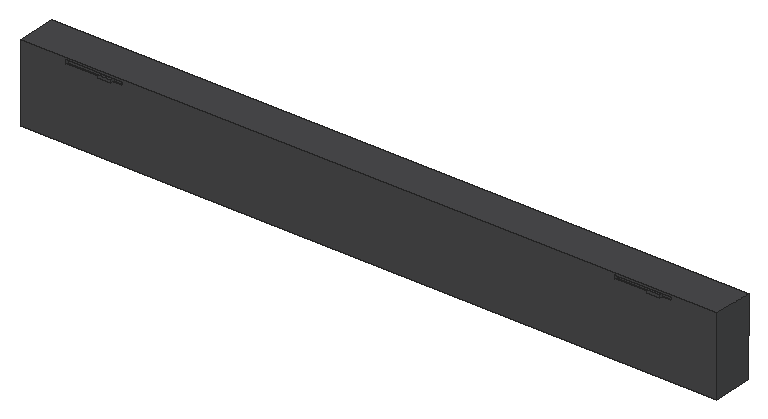
Revit family "DOT BLOCK CEILLING 646_DTSM30N6.1", category Luminarias, Revit 2019
Family settings
  Cota de conector redondo = Diámetro de uso
  Tipo de pieza = Normal
  Se basa en plano de trabajo = Sí
  Siempre vertical = Sí
  Corte con vacíos al cargar = No
  Origen de luz = Sí
  Compartido = No
  Punto de cálculo de habitación = No
Parameters (values of type "DOT BLOCK CEILLING 646_DTSM30N6.1.1535")
  Ángulo de inclinación = 60.00°
  Zone [instance] = ""
  Watt per fixture = 30
  Wattage = 30 W
  built-in parameter 1150107 = 4000 (stored number, unit not read)
  built-in parameter 1150110 = 1 (stored number, unit not read)
  built-in parameter 1150109 = 1 (stored number, unit not read)
  built-in parameter 1150112 = 1 (stored number, unit not read)
  built-in parameter 1150113 = 1 (stored number, unit not read)
  built-in parameter 1114218 = 1 (stored number, unit not read)
  Keynote = ""
  built-in parameter 1150137 = (empty or 0)
  built-in parameter 1150132 = (empty or 0)
  Modelo = "DTSM30N6.1.1535"
  Lámpara = "3030SMD PHILIPS"
  built-in parameter 1150105 = 214.86 (stored number, unit not read)
  built-in parameter 1150102 = (empty or 0)
  built-in parameter 1150106 = 2.1486 (stored number, unit not read)
  Lumens = 2700 lm
  Color Filter = 16777215
  built-in parameter 1114217 = 1 (stored number, unit not read)
  built-in parameter 1150139 = (empty or 0)
  Fabricante = "BRILLANT"
  Default Elevation = 1219.2 mm
  built-in parameter 1150104 = 8.3613 (stored number, unit not read)
  Descripción = "LUMINARIA DOWNLIGHT EN FORMATO RECTANGULAR PARA SOBREPONER DIRECTO EN TECHO, CUERPO DE ALUMINIO ACABADO EN COLOR NEGRO, IP 20, PESO 1.40Kg, TIPO DE LED 3030SMD PHILIPS CON 30W TOTAL, 1450 LUMENES, 90LM/W, IRC 90, TEMPERATURA EN BLANCO FRIO 4000K, 50 MIL HORAS DE VIDA PROMEDIO, APERTURA ELIPTICA DE 15X35 GRADOS POR PROYECTO, ALIMENTADO A 90-240V"
  built-in parameter 1150115 = 1 (stored number, unit not read)
  built-in parameter 1150114 = 1 (stored number, unit not read)
  Comentarios de vataje = "90-240V"
  built-in parameter 1150138 = (empty or 0)
  built-in parameter 1150134 = 12
  Circuit [instance] = ""
  Dimming Lamp Color Temperature Shift = (empty or 0)
  Archivo de red fotométrica = "L646A-30W-840-B-15X35_IESNA95.IES"
  built-in parameter 1150133 = 10 (stored number, unit not read)
Reference planes
  plane 1 "Centro (Frontal/Posterior)": y = 0
  plane 2: z = 0
  plane 3 "Centro (Izquierda/Derecha)": x = 0
Forms (mm)
  Extrusion 1, solid, material "Default Form", not visible
    sketch origin (0, 0, 0) x (1, 0, 0) y (0, 0, 1)
      loop
        line (-473, 0) -> (-473, -72) -> (473, -72) -> (473, 0) -> (-473, 0)
    from -18.326 to 18.326
  Blend 2, void, not visible
    base sketch origin (-293.63, 0, 0) x (1, 0, 0) y (0, 1, 0)
      loop
        line (-162, 16.149) -> (-162, -16.149) -> (-144.14, -16.149) -> (-144.14, 16.149) -> (-162, 16.149)
    top sketch origin (-293.63, 0, 0) x (1, 0, 0) y (0, 1, 0)
      loop
        line (-160, 12.149) -> (-160, -12.149) -> (-146.14, -12.149) -> (-146.14, 12.149) -> (-160, 12.149)
    from -72 to -61.591
  Blend 3, void, not visible
    base sketch origin (-267.33, 0, 0) x (1, 0, 0) y (0, 1, 0)
      loop
        line (-162, 16.149) -> (-162, -16.149) -> (-144.14, -16.149) -> (-144.14, 16.149) -> (-162, 16.149)
    top sketch origin (-267.33, 0, 0) x (1, 0, 0) y (0, 1, 0)
      loop
        line (-160, 12.149) -> (-160, -12.149) -> (-146.14, -12.149) -> (-146.14, 12.149) -> (-160, 12.149)
    from -72 to -61.591
  Blend 4, void, not visible
    base sketch origin (-241.03, 0, 0) x (1, 0, 0) y (0, 1, 0)
      loop
        line (-162, 16.149) -> (-162, -16.149) -> (-144.14, -16.149) -> (-144.14, 16.149) -> (-162, 16.149)
    top sketch origin (-241.03, 0, 0) x (1, 0, 0) y (0, 1, 0)
      loop
        line (-160, 12.149) -> (-160, -12.149) -> (-146.14, -12.149) -> (-146.14, 12.149) -> (-160, 12.149)
    from -72 to -61.591
  Blend 5, void, not visible
    base sketch origin (-214.73, 0, 0) x (1, 0, 0) y (0, 1, 0)
      loop
        line (-162, 16.149) -> (-162, -16.149) -> (-144.14, -16.149) -> (-144.14, 16.149) -> (-162, 16.149)
    top sketch origin (-214.73, 0, 0) x (1, 0, 0) y (0, 1, 0)
      loop
        line (-160, 12.149) -> (-160, -12.149) -> (-146.14, -12.149) -> (-146.14, 12.149) -> (-160, 12.149)
    from -72 to -61.591
  Blend 6, void, not visible
    base sketch origin (-188.43, 0, 0) x (1, 0, 0) y (0, 1, 0)
      loop
        line (-162, 16.149) -> (-162, -16.149) -> (-144.14, -16.149) -> (-144.14, 16.149) -> (-162, 16.149)
    top sketch origin (-188.43, 0, 0) x (1, 0, 0) y (0, 1, 0)
      loop
        line (-160, 12.149) -> (-160, -12.149) -> (-146.14, -12.149) -> (-146.14, 12.149) -> (-160, 12.149)
    from -72 to -61.591
  Blend 7, void, not visible
    base sketch origin (-162.13, 0, 0) x (1, 0, 0) y (0, 1, 0)
      loop
        line (-162, 16.149) -> (-162, -16.149) -> (-144.14, -16.149) -> (-144.14, 16.149) -> (-162, 16.149)
    top sketch origin (-162.13, 0, 0) x (1, 0, 0) y (0, 1, 0)
      loop
        line (-160, 12.149) -> (-160, -12.149) -> (-146.14, -12.149) -> (-146.14, 12.149) -> (-160, 12.149)
    from -72 to -61.591
  Blend 8, void, not visible
    base sketch origin (-135.83, 0, 0) x (1, 0, 0) y (0, 1, 0)
      loop
        line (-162, 16.149) -> (-162, -16.149) -> (-144.14, -16.149) -> (-144.14, 16.149) -> (-162, 16.149)
    top sketch origin (-135.83, 0, 0) x (1, 0, 0) y (0, 1, 0)
      loop
        line (-160, 12.149) -> (-160, -12.149) -> (-146.14, -12.149) -> (-146.14, 12.149) -> (-160, 12.149)
    from -72 to -61.591
  Blend 9, void, not visible
    base sketch origin (-109.53, 0, 0) x (1, 0, 0) y (0, 1, 0)
      loop
        line (-162, 16.149) -> (-162, -16.149) -> (-144.14, -16.149) -> (-144.14, 16.149) -> (-162, 16.149)
    top sketch origin (-109.53, 0, 0) x (1, 0, 0) y (0, 1, 0)
      loop
        line (-160, 12.149) -> (-160, -12.149) -> (-146.14, -12.149) -> (-146.14, 12.149) -> (-160, 12.149)
    from -72 to -61.591
  Blend 10, void, not visible
    base sketch origin (-83.23, 0, 0) x (1, 0, 0) y (0, 1, 0)
      loop
        line (-162, 16.149) -> (-162, -16.149) -> (-144.14, -16.149) -> (-144.14, 16.149) -> (-162, 16.149)
    top sketch origin (-83.23, 0, 0) x (1, 0, 0) y (0, 1, 0)
      loop
        line (-160, 12.149) -> (-160, -12.149) -> (-146.14, -12.149) -> (-146.14, 12.149) -> (-160, 12.149)
    from -72 to -61.591
  Blend 11, void, not visible
    base sketch origin (-56.93, 0, 0) x (1, 0, 0) y (0, 1, 0)
      loop
        line (-162, 16.149) -> (-162, -16.149) -> (-144.14, -16.149) -> (-144.14, 16.149) -> (-162, 16.149)
    top sketch origin (-56.93, 0, 0) x (1, 0, 0) y (0, 1, 0)
      loop
        line (-160, 12.149) -> (-160, -12.149) -> (-146.14, -12.149) -> (-146.14, 12.149) -> (-160, 12.149)
    from -72 to -61.591
  Blend 12, void, not visible
    base sketch origin (-30.63, 0, 0) x (1, 0, 0) y (0, 1, 0)
      loop
        line (-162, 16.149) -> (-162, -16.149) -> (-144.14, -16.149) -> (-144.14, 16.149) -> (-162, 16.149)
    top sketch origin (-30.63, 0, 0) x (1, 0, 0) y (0, 1, 0)
      loop
        line (-160, 12.149) -> (-160, -12.149) -> (-146.14, -12.149) -> (-146.14, 12.149) -> (-160, 12.149)
    from -72 to -61.591
  Blend 13, void, not visible
    base sketch origin (-4.33, 0, 0) x (1, 0, 0) y (0, 1, 0)
      loop
        line (-162, 16.149) -> (-162, -16.149) -> (-144.14, -16.149) -> (-144.14, 16.149) -> (-162, 16.149)
    top sketch origin (-4.33, 0, 0) x (1, 0, 0) y (0, 1, 0)
      loop
        line (-160, 12.149) -> (-160, -12.149) -> (-146.14, -12.149) -> (-146.14, 12.149) -> (-160, 12.149)
    from -72 to -61.591
  Blend 14, void, not visible
    base sketch origin (21.97, 0, 0) x (1, 0, 0) y (0, 1, 0)
      loop
        line (-162, 16.149) -> (-162, -16.149) -> (-144.14, -16.149) -> (-144.14, 16.149) -> (-162, 16.149)
    top sketch origin (21.97, 0, 0) x (1, 0, 0) y (0, 1, 0)
      loop
        line (-160, 12.149) -> (-160, -12.149) -> (-146.14, -12.149) -> (-146.14, 12.149) -> (-160, 12.149)
    from -72 to -61.591
  Blend 15, void, not visible
    base sketch origin (48.27, 0, 0) x (1, 0, 0) y (0, 1, 0)
      loop
        line (-162, 16.149) -> (-162, -16.149) -> (-144.14, -16.149) -> (-144.14, 16.149) -> (-162, 16.149)
    top sketch origin (48.27, 0, 0) x (1, 0, 0) y (0, 1, 0)
      loop
        line (-160, 12.149) -> (-160, -12.149) -> (-146.14, -12.149) -> (-146.14, 12.149) -> (-160, 12.149)
    from -72 to -61.591
  Blend 16, void, not visible
    base sketch origin (74.57, 0, 0) x (1, 0, 0) y (0, 1, 0)
      loop
        line (-162, 16.149) -> (-162, -16.149) -> (-144.14, -16.149) -> (-144.14, 16.149) -> (-162, 16.149)
    top sketch origin (74.57, 0, 0) x (1, 0, 0) y (0, 1, 0)
      loop
        line (-160, 12.149) -> (-160, -12.149) -> (-146.14, -12.149) -> (-146.14, 12.149) -> (-160, 12.149)
    from -72 to -61.591
  Blend 17, void, not visible
    base sketch origin (100.87, 0, 0) x (1, 0, 0) y (0, 1, 0)
      loop
        line (-162, 16.149) -> (-162, -16.149) -> (-144.14, -16.149) -> (-144.14, 16.149) -> (-162, 16.149)
    top sketch origin (100.87, 0, 0) x (1, 0, 0) y (0, 1, 0)
      loop
        line (-160, 12.149) -> (-160, -12.149) -> (-146.14, -12.149) -> (-146.14, 12.149) -> (-160, 12.149)
    from -72 to -61.591
  Blend 18, void, not visible
    base sketch origin (127.17, 0, 0) x (1, 0, 0) y (0, 1, 0)
      loop
        line (-162, 16.149) -> (-162, -16.149) -> (-144.14, -16.149) -> (-144.14, 16.149) -> (-162, 16.149)
    top sketch origin (127.17, 0, 0) x (1, 0, 0) y (0, 1, 0)
      loop
        line (-160, 12.149) -> (-160, -12.149) -> (-146.14, -12.149) -> (-146.14, 12.149) -> (-160, 12.149)
    from -72 to -61.591
  Blend 19, void, not visible
    base sketch origin (153.47, 0, 0) x (1, 0, 0) y (0, 1, 0)
      loop
        line (-162, 16.149) -> (-162, -16.149) -> (-144.14, -16.149) -> (-144.14, 16.149) -> (-162, 16.149)
    top sketch origin (153.47, 0, 0) x (1, 0, 0) y (0, 1, 0)
      loop
        line (-160, 12.149) -> (-160, -12.149) -> (-146.14, -12.149) -> (-146.14, 12.149) -> (-160, 12.149)
    from -72 to -61.591
  Blend 20, void, not visible
    base sketch origin (179.77, 0, 0) x (1, 0, 0) y (0, 1, 0)
      loop
        line (-162, 16.149) -> (-162, -16.149) -> (-144.14, -16.149) -> (-144.14, 16.149) -> (-162, 16.149)
    top sketch origin (179.77, 0, 0) x (1, 0, 0) y (0, 1, 0)
      loop
        line (-160, 12.149) -> (-160, -12.149) -> (-146.14, -12.149) -> (-146.14, 12.149) -> (-160, 12.149)
    from -72 to -61.591
  Blend 21, void, not visible
    base sketch origin (206.07, 0, 0) x (1, 0, 0) y (0, 1, 0)
      loop
        line (-162, 16.149) -> (-162, -16.149) -> (-144.14, -16.149) -> (-144.14, 16.149) -> (-162, 16.149)
    top sketch origin (206.07, 0, 0) x (1, 0, 0) y (0, 1, 0)
      loop
        line (-160, 12.149) -> (-160, -12.149) -> (-146.14, -12.149) -> (-146.14, 12.149) -> (-160, 12.149)
    from -72 to -61.591
  Blend 22, void, not visible
    base sketch origin (232.37, 0, 0) x (1, 0, 0) y (0, 1, 0)
      loop
        line (-162, 16.149) -> (-162, -16.149) -> (-144.14, -16.149) -> (-144.14, 16.149) -> (-162, 16.149)
    top sketch origin (232.37, 0, 0) x (1, 0, 0) y (0, 1, 0)
      loop
        line (-160, 12.149) -> (-160, -12.149) -> (-146.14, -12.149) -> (-146.14, 12.149) -> (-160, 12.149)
    from -72 to -61.591
  Blend 23, void, not visible
    base sketch origin (258.67, 0, 0) x (1, 0, 0) y (0, 1, 0)
      loop
        line (-162, 16.149) -> (-162, -16.149) -> (-144.14, -16.149) -> (-144.14, 16.149) -> (-162, 16.149)
    top sketch origin (258.67, 0, 0) x (1, 0, 0) y (0, 1, 0)
      loop
        line (-160, 12.149) -> (-160, -12.149) -> (-146.14, -12.149) -> (-146.14, 12.149) -> (-160, 12.149)
    from -72 to -61.591
  Blend 24, void, not visible
    base sketch origin (284.97, 0, 0) x (1, 0, 0) y (0, 1, 0)
      loop
        line (-162, 16.149) -> (-162, -16.149) -> (-144.14, -16.149) -> (-144.14, 16.149) -> (-162, 16.149)
    top sketch origin (284.97, 0, 0) x (1, 0, 0) y (0, 1, 0)
      loop
        line (-160, 12.149) -> (-160, -12.149) -> (-146.14, -12.149) -> (-146.14, 12.149) -> (-160, 12.149)
    from -72 to -61.591
  Blend 25, void, not visible
    base sketch origin (311.27, 0, 0) x (1, 0, 0) y (0, 1, 0)
      loop
        line (-162, 16.149) -> (-162, -16.149) -> (-144.14, -16.149) -> (-144.14, 16.149) -> (-162, 16.149)
    top sketch origin (311.27, 0, 0) x (1, 0, 0) y (0, 1, 0)
      loop
        line (-160, 12.149) -> (-160, -12.149) -> (-146.14, -12.149) -> (-146.14, 12.149) -> (-160, 12.149)
    from -72 to -61.591
  Blend 26, void, not visible
    base sketch origin (337.57, 0, 0) x (1, 0, 0) y (0, 1, 0)
      loop
        line (-162, 16.149) -> (-162, -16.149) -> (-144.14, -16.149) -> (-144.14, 16.149) -> (-162, 16.149)
    top sketch origin (337.57, 0, 0) x (1, 0, 0) y (0, 1, 0)
      loop
        line (-160, 12.149) -> (-160, -12.149) -> (-146.14, -12.149) -> (-146.14, 12.149) -> (-160, 12.149)
    from -72 to -61.591
  Blend 27, void, not visible
    base sketch origin (363.87, 0, 0) x (1, 0, 0) y (0, 1, 0)
      loop
        line (-162, 16.149) -> (-162, -16.149) -> (-144.14, -16.149) -> (-144.14, 16.149) -> (-162, 16.149)
    top sketch origin (363.87, 0, 0) x (1, 0, 0) y (0, 1, 0)
      loop
        line (-160, 12.149) -> (-160, -12.149) -> (-146.14, -12.149) -> (-146.14, 12.149) -> (-160, 12.149)
    from -72 to -61.591
  Blend 28, void, not visible
    base sketch origin (390.17, 0, 0) x (1, 0, 0) y (0, 1, 0)
      loop
        line (-162, 16.149) -> (-162, -16.149) -> (-144.14, -16.149) -> (-144.14, 16.149) -> (-162, 16.149)
    top sketch origin (390.17, 0, 0) x (1, 0, 0) y (0, 1, 0)
      loop
        line (-160, 12.149) -> (-160, -12.149) -> (-146.14, -12.149) -> (-146.14, 12.149) -> (-160, 12.149)
    from -72 to -61.591
  Blend 29, void, not visible
    base sketch origin (416.47, 0, 0) x (1, 0, 0) y (0, 1, 0)
      loop
        line (-162, 16.149) -> (-162, -16.149) -> (-144.14, -16.149) -> (-144.14, 16.149) -> (-162, 16.149)
    top sketch origin (416.47, 0, 0) x (1, 0, 0) y (0, 1, 0)
      loop
        line (-160, 12.149) -> (-160, -12.149) -> (-146.14, -12.149) -> (-146.14, 12.149) -> (-160, 12.149)
    from -72 to -61.591
  Blend 30, void, not visible
    base sketch origin (442.77, 0, 0) x (1, 0, 0) y (0, 1, 0)
      loop
        line (-162, 16.149) -> (-162, -16.149) -> (-144.14, -16.149) -> (-144.14, 16.149) -> (-162, 16.149)
    top sketch origin (442.77, 0, 0) x (1, 0, 0) y (0, 1, 0)
      loop
        line (-160, 12.149) -> (-160, -12.149) -> (-146.14, -12.149) -> (-146.14, 12.149) -> (-160, 12.149)
    from -72 to -61.591
  Blend 31, void, not visible
    base sketch origin (469.07, 0, 0) x (1, 0, 0) y (0, 1, 0)
      loop
        line (-162, 16.149) -> (-162, -16.149) -> (-144.14, -16.149) -> (-144.14, 16.149) -> (-162, 16.149)
    top sketch origin (469.07, 0, 0) x (1, 0, 0) y (0, 1, 0)
      loop
        line (-160, 12.149) -> (-160, -12.149) -> (-146.14, -12.149) -> (-146.14, 12.149) -> (-160, 12.149)
    from -72 to -61.591
  Blend 32, void, not visible
    base sketch origin (495.37, 0, 0) x (1, 0, 0) y (0, 1, 0)
      loop
        line (-162, 16.149) -> (-162, -16.149) -> (-144.14, -16.149) -> (-144.14, 16.149) -> (-162, 16.149)
    top sketch origin (495.37, 0, 0) x (1, 0, 0) y (0, 1, 0)
      loop
        line (-160, 12.149) -> (-160, -12.149) -> (-146.14, -12.149) -> (-146.14, 12.149) -> (-160, 12.149)
    from -72 to -61.591
  Blend 33, void, not visible
    base sketch origin (521.67, 0, 0) x (1, 0, 0) y (0, 1, 0)
      loop
        line (-162, 16.149) -> (-162, -16.149) -> (-144.14, -16.149) -> (-144.14, 16.149) -> (-162, 16.149)
    top sketch origin (521.67, 0, 0) x (1, 0, 0) y (0, 1, 0)
      loop
        line (-160, 12.149) -> (-160, -12.149) -> (-146.14, -12.149) -> (-146.14, 12.149) -> (-160, 12.149)
    from -72 to -61.591
  Blend 34, void, not visible
    base sketch origin (547.97, 0, 0) x (1, 0, 0) y (0, 1, 0)
      loop
        line (-162, 16.149) -> (-162, -16.149) -> (-144.14, -16.149) -> (-144.14, 16.149) -> (-162, 16.149)
    top sketch origin (547.97, 0, 0) x (1, 0, 0) y (0, 1, 0)
      loop
        line (-160, 12.149) -> (-160, -12.149) -> (-146.14, -12.149) -> (-146.14, 12.149) -> (-160, 12.149)
    from -72 to -61.591
  Blend 35, void, not visible
    base sketch origin (574.27, 0, 0) x (1, 0, 0) y (0, 1, 0)
      loop
        line (-162, 16.149) -> (-162, -16.149) -> (-144.14, -16.149) -> (-144.14, 16.149) -> (-162, 16.149)
    top sketch origin (574.27, 0, 0) x (1, 0, 0) y (0, 1, 0)
      loop
        line (-160, 12.149) -> (-160, -12.149) -> (-146.14, -12.149) -> (-146.14, 12.149) -> (-160, 12.149)
    from -72 to -61.591
  Blend 36, void, not visible
    base sketch origin (600.57, 0, 0) x (1, 0, 0) y (0, 1, 0)
      loop
        line (-162, 16.149) -> (-162, -16.149) -> (-144.14, -16.149) -> (-144.14, 16.149) -> (-162, 16.149)
    top sketch origin (600.57, 0, 0) x (1, 0, 0) y (0, 1, 0)
      loop
        line (-160, 12.149) -> (-160, -12.149) -> (-146.14, -12.149) -> (-146.14, 12.149) -> (-160, 12.149)
    from -72 to -61.591
  Extrusion 37, solid, not visible
    sketch origin (-463.861, 0, 3.217) x (0, -1, 0) y (0, 0, -1)
      loop
        line (18.326, 3.217) -> (-18.326, 3.217) -> (-18.326, 73.917) -> (-32.183, 73.917) -> (-32.183, 72.617) -> (-19.626, 72.617) -> (-19.626, 1.917) -> (19.626, 1.917) -> (19.626, 72.617) -> (32.183, 72.617) -> (32.183, 73.917) -> (18.326, 73.917) -> (18.326, 3.217)
    from 89.098 to 128.24
  Extrusion 38, solid, not visible
    sketch origin (-246.523, 0, 3.217) x (0, -1, 0) y (0, 0, 1)
      loop
        line (-19.626, -1.917) -> (19.626, -1.917) -> (19.626, -63.89) -> (20.426, -63.89) -> (20.426, -1.117) -> (-20.426, -1.117) -> (-20.426, -63.89) -> (-19.626, -63.89) -> (-19.626, -1.917)
    from 122.954 to 124.098
  Extrusion 39, solid, not visible
    sketch origin (-463.861, 0, 3.217) x (0, -1, 0) y (0, 0, -1)
      loop
        line (-19.626, 1.917) -> (-19.626, 63.89) -> (-20.426, 63.89) -> (-20.426, 1.117) -> (20.426, 1.117) -> (20.426, 63.89) -> (19.626, 63.89) -> (19.626, 1.917) -> (-19.626, 1.917)
    from 122.954 to 124.098
  Extrusion 40, void, not visible
    sketch origin (0, 0, 0) x (1, 0, 0) y (0, 1, 0)
      loop
        circle (-363.799, -25.904) r 2.055
      loop
        circle (-346.585, -25.904) r 2.055
      loop
        circle (-363.799, 25.904) r 2.055
      loop
        circle (-346.585, 25.904) r 2.055
    from -70.7 to -69.4
  Blend 41, void
    base sketch origin (74.57, 130.851, 72) x (1, 0, 0) y (0, 1, 0)
      loop
        line (-162, -147) -> (-144.14, -147) -> (-144.14, -114.702) -> (-162, -114.702) -> (-162, -147)
    top sketch origin (74.57, 130.851, 72) x (1, 0, 0) y (0, 1, 0)
      loop
        line (-160, -143) -> (-146.14, -143) -> (-146.14, -118.702) -> (-160, -118.702) -> (-160, -143)
    from -72 to -61.591
  Blend 42, void
    base sketch origin (100.87, 130.851, 72) x (1, 0, 0) y (0, 1, 0)
      loop
        line (-162, -147) -> (-144.14, -147) -> (-144.14, -114.702) -> (-162, -114.702) -> (-162, -147)
    top sketch origin (100.87, 130.851, 72) x (1, 0, 0) y (0, 1, 0)
      loop
        line (-160, -143) -> (-146.14, -143) -> (-146.14, -118.702) -> (-160, -118.702) -> (-160, -143)
    from -72 to -61.591
  Blend 43, void
    base sketch origin (127.17, 130.851, 72) x (1, 0, 0) y (0, 1, 0)
      loop
        line (-162, -147) -> (-144.14, -147) -> (-144.14, -114.702) -> (-162, -114.702) -> (-162, -147)
    top sketch origin (127.17, 130.851, 72) x (1, 0, 0) y (0, 1, 0)
      loop
        line (-160, -143) -> (-146.14, -143) -> (-146.14, -118.702) -> (-160, -118.702) -> (-160, -143)
    from -72 to -61.591
  Blend 44, void
    base sketch origin (153.47, 130.851, 72) x (1, 0, 0) y (0, 1, 0)
      loop
        line (-162, -147) -> (-144.14, -147) -> (-144.14, -114.702) -> (-162, -114.702) -> (-162, -147)
    top sketch origin (153.47, 130.851, 72) x (1, 0, 0) y (0, 1, 0)
      loop
        line (-160, -143) -> (-146.14, -143) -> (-146.14, -118.702) -> (-160, -118.702) -> (-160, -143)
    from -72 to -61.591
  Blend 45, void
    base sketch origin (179.77, 130.851, 72) x (1, 0, 0) y (0, 1, 0)
      loop
        line (-162, -147) -> (-144.14, -147) -> (-144.14, -114.702) -> (-162, -114.702) -> (-162, -147)
    top sketch origin (179.77, 130.851, 72) x (1, 0, 0) y (0, 1, 0)
      loop
        line (-160, -143) -> (-146.14, -143) -> (-146.14, -118.702) -> (-160, -118.702) -> (-160, -143)
    from -72 to -61.591
  Blend 46, void
    base sketch origin (206.07, 130.851, 72) x (1, 0, 0) y (0, 1, 0)
      loop
        line (-162, -147) -> (-144.14, -147) -> (-144.14, -114.702) -> (-162, -114.702) -> (-162, -147)
    top sketch origin (206.07, 130.851, 72) x (1, 0, 0) y (0, 1, 0)
      loop
        line (-160, -143) -> (-146.14, -143) -> (-146.14, -118.702) -> (-160, -118.702) -> (-160, -143)
    from -72 to -61.591
  Blend 47, void
    base sketch origin (232.37, 130.851, 72) x (1, 0, 0) y (0, 1, 0)
      loop
        line (-162, -147) -> (-144.14, -147) -> (-144.14, -114.702) -> (-162, -114.702) -> (-162, -147)
    top sketch origin (232.37, 130.851, 72) x (1, 0, 0) y (0, 1, 0)
      loop
        line (-160, -143) -> (-146.14, -143) -> (-146.14, -118.702) -> (-160, -118.702) -> (-160, -143)
    from -72 to -61.591
  Extrusion 48, solid, material "Default Form"
    sketch origin (0, 0, 72) x (1, 0, 0) y (0, 0, -1)
      loop
        line (-323, 0) -> (323, 0) -> (323, 72) -> (-323, 72) -> (-323, 0)
    from -18.326 to 18.326
  Blend 49, void
    base sketch origin (258.67, 130.851, 72) x (1, 0, 0) y (0, 1, 0)
      loop
        line (-162, -147) -> (-144.14, -147) -> (-144.14, -114.702) -> (-162, -114.702) -> (-162, -147)
    top sketch origin (258.67, 130.851, 72) x (1, 0, 0) y (0, 1, 0)
      loop
        line (-160, -143) -> (-146.14, -143) -> (-146.14, -118.702) -> (-160, -118.702) -> (-160, -143)
    from -72 to -61.591
  Blend 50, void
    base sketch origin (284.97, 130.851, 72) x (1, 0, 0) y (0, 1, 0)
      loop
        line (-162, -147) -> (-144.14, -147) -> (-144.14, -114.702) -> (-162, -114.702) -> (-162, -147)
    top sketch origin (284.97, 130.851, 72) x (1, 0, 0) y (0, 1, 0)
      loop
        line (-160, -143) -> (-146.14, -143) -> (-146.14, -118.702) -> (-160, -118.702) -> (-160, -143)
    from -72 to -61.591
  Blend 51, void
    base sketch origin (21.97, 130.851, 72) x (1, 0, 0) y (0, 1, 0)
      loop
        line (-162, -147) -> (-144.14, -147) -> (-144.14, -114.702) -> (-162, -114.702) -> (-162, -147)
    top sketch origin (21.97, 130.851, 72) x (1, 0, 0) y (0, 1, 0)
      loop
        line (-160, -143) -> (-146.14, -143) -> (-146.14, -118.702) -> (-160, -118.702) -> (-160, -143)
    from -72 to -61.591
  Blend 52, void
    base sketch origin (48.27, 130.851, 72) x (1, 0, 0) y (0, 1, 0)
      loop
        line (-162, -147) -> (-144.14, -147) -> (-144.14, -114.702) -> (-162, -114.702) -> (-162, -147)
    top sketch origin (48.27, 130.851, 72) x (1, 0, 0) y (0, 1, 0)
      loop
        line (-160, -143) -> (-146.14, -143) -> (-146.14, -118.702) -> (-160, -118.702) -> (-160, -143)
    from -72 to -61.591
  Extrusion 53, void
    sketch origin (-158.75, 0, 0) x (1, 0, 0) y (0, 1, 0)
      loop
        line (-122.17, -18.326) -> (-69.57, -18.326) -> (-69.57, -16.149) -> (-122.17, -16.149) -> (-122.17, -18.326)
      loop
        line (-122.17, 18.326) -> (-122.17, 16.149) -> (-69.57, 16.149) -> (-69.57, 18.326) -> (-122.17, 18.326)
    from 66.852 to 70.535
  Extrusion 54, solid, material "Default Form"
    sketch origin (125, 0, 0) x (1, 0, 0) y (0, 1, 0)
      loop
        line (146.935, -16.149) -> (145.601, -16.149) -> (145.601, -18.326) -> (135.101, -18.326) -> (135.101, -20.238) -> (146.935, -20.238) -> (146.935, -16.149)
      loop
        line (146.935, 16.149) -> (146.935, 20.238) -> (135.101, 20.238) -> (135.101, 18.326) -> (145.601, 18.326) -> (145.601, 16.149) -> (146.935, 16.149)
      loop
        line (-362.305, -16.149) -> (-363.639, -16.149) -> (-363.639, -18.326) -> (-374.139, -18.326) -> (-374.139, -20.238) -> (-362.305, -20.238) -> (-362.305, -16.149)
      loop
        line (-362.305, 16.149) -> (-362.305, 20.238) -> (-374.139, 20.238) -> (-374.139, 18.326) -> (-363.639, 18.326) -> (-363.639, 16.149) -> (-362.305, 16.149)
    from 67.466 to 69.773
  Extrusion 55, void
    sketch origin (158.75, 0, 0) x (-1, 0, 0) y (0, -1, 0)
      loop
        line (-122.17, 18.326) -> (-122.17, 16.149) -> (-69.57, 16.149) -> (-69.57, 18.326) -> (-122.17, 18.326)
      loop
        line (-122.17, -18.326) -> (-69.57, -18.326) -> (-69.57, -16.149) -> (-122.17, -16.149) -> (-122.17, -18.326)
    from 66.852 to 70.535
  Blend 56, void
    base sketch origin (311.27, 130.851, 72) x (1, 0, 0) y (0, 1, 0)
      loop
        line (-162, -147) -> (-144.14, -147) -> (-144.14, -114.702) -> (-162, -114.702) -> (-162, -147)
    top sketch origin (311.27, 130.851, 72) x (1, 0, 0) y (0, 1, 0)
      loop
        line (-160, -143) -> (-146.14, -143) -> (-146.14, -118.702) -> (-160, -118.702) -> (-160, -143)
    from -72 to -61.591
  Blend 57, void
    base sketch origin (337.57, 130.851, 72) x (1, 0, 0) y (0, 1, 0)
      loop
        line (-162, -147) -> (-144.14, -147) -> (-144.14, -114.702) -> (-162, -114.702) -> (-162, -147)
    top sketch origin (337.57, 130.851, 72) x (1, 0, 0) y (0, 1, 0)
      loop
        line (-160, -143) -> (-146.14, -143) -> (-146.14, -118.702) -> (-160, -118.702) -> (-160, -143)
    from -72 to -61.591
  Blend 58, void
    base sketch origin (363.87, 130.851, 72) x (1, 0, 0) y (0, 1, 0)
      loop
        line (-162, -147) -> (-144.14, -147) -> (-144.14, -114.702) -> (-162, -114.702) -> (-162, -147)
    top sketch origin (363.87, 130.851, 72) x (1, 0, 0) y (0, 1, 0)
      loop
        line (-160, -143) -> (-146.14, -143) -> (-146.14, -118.702) -> (-160, -118.702) -> (-160, -143)
    from -72 to -61.591
  Blend 59, void
    base sketch origin (390.17, 130.851, 72) x (1, 0, 0) y (0, 1, 0)
      loop
        line (-162, -147) -> (-144.14, -147) -> (-144.14, -114.702) -> (-162, -114.702) -> (-162, -147)
    top sketch origin (390.17, 130.851, 72) x (1, 0, 0) y (0, 1, 0)
      loop
        line (-160, -143) -> (-146.14, -143) -> (-146.14, -118.702) -> (-160, -118.702) -> (-160, -143)
    from -72 to -61.591
  Blend 60, void
    base sketch origin (-30.63, 130.851, 72) x (1, 0, 0) y (0, 1, 0)
      loop
        line (-162, -147) -> (-144.14, -147) -> (-144.14, -114.702) -> (-162, -114.702) -> (-162, -147)
    top sketch origin (-30.63, 130.851, 72) x (1, 0, 0) y (0, 1, 0)
      loop
        line (-160, -143) -> (-146.14, -143) -> (-146.14, -118.702) -> (-160, -118.702) -> (-160, -143)
    from -72 to -61.591
  Blend 61, void
    base sketch origin (-4.33, 130.851, 72) x (1, 0, 0) y (0, 1, 0)
      loop
        line (-162, -147) -> (-144.14, -147) -> (-144.14, -114.702) -> (-162, -114.702) -> (-162, -147)
    top sketch origin (-4.33, 130.851, 72) x (1, 0, 0) y (0, 1, 0)
      loop
        line (-160, -143) -> (-146.14, -143) -> (-146.14, -118.702) -> (-160, -118.702) -> (-160, -143)
    from -72 to -61.591
  Blend 62, void
    base sketch origin (-83.23, 130.851, 72) x (1, 0, 0) y (0, 1, 0)
      loop
        line (-162, -147) -> (-144.14, -147) -> (-144.14, -114.702) -> (-162, -114.702) -> (-162, -147)
    top sketch origin (-83.23, 130.851, 72) x (1, 0, 0) y (0, 1, 0)
      loop
        line (-160, -143) -> (-146.14, -143) -> (-146.14, -118.702) -> (-160, -118.702) -> (-160, -143)
    from -72 to -61.591
  Blend 63, void
    base sketch origin (-56.93, 130.851, 72) x (1, 0, 0) y (0, 1, 0)
      loop
        line (-162, -147) -> (-144.14, -147) -> (-144.14, -114.702) -> (-162, -114.702) -> (-162, -147)
    top sketch origin (-56.93, 130.851, 72) x (1, 0, 0) y (0, 1, 0)
      loop
        line (-160, -143) -> (-146.14, -143) -> (-146.14, -118.702) -> (-160, -118.702) -> (-160, -143)
    from -72 to -61.591
Cuts and joins
  Blend 41, Blend 42, Blend 43, Blend 44, Blend 45, Blend 46, Blend 47, Blend 49, Blend 50, Blend 51, Blend 52, Extrusion 53, Extrusion 55, Blend 56, Blend 57, Blend 58, Blend 59, Blend 60, Blend 61, Blend 62, Blend 63 cuts Extrusion 48
  Extrusion 55 cuts Extrusion 54
Dimensions and locks
  cut or joined group 1 (Blend 41, Blend 42, Blend 43, Blend 44, Blend 45, Blend 46, Blend 47, Extrusion 48, Blend 49, Blend 50, Blend 51, Blend 52, Extrusion 53, Extrusion 55, Blend 56, Blend 57, Blend 58, Blend 59, Blend 60, Blend 61, Blend 62, Blend 63) to cut or joined group 1 = 72 mm  (x2)
  cut or joined group 1 to cut or joined group 1 = 36.651 mm
  cut or joined group 1 to cut or joined group 1 = 646 mm
  cut or joined group 1 to cut or joined group 1 = 42.08 mm  (x2)
  aligned and locked: level to plane 2
Connectors
  electrical at (0, 0, 72)
    settings: on cut or joined group 1, index 1, voltage 0 V, apparent load 0 VA, apparent load phase1 0 VA, apparent load phase2 0 VA, apparent load phase3 0 VA, power factor 1, load classification "Otro", number of poles 1, system type 31, power factor state 1, is connector primary yes, connector utility no, sub classification motor no, connector description ""
